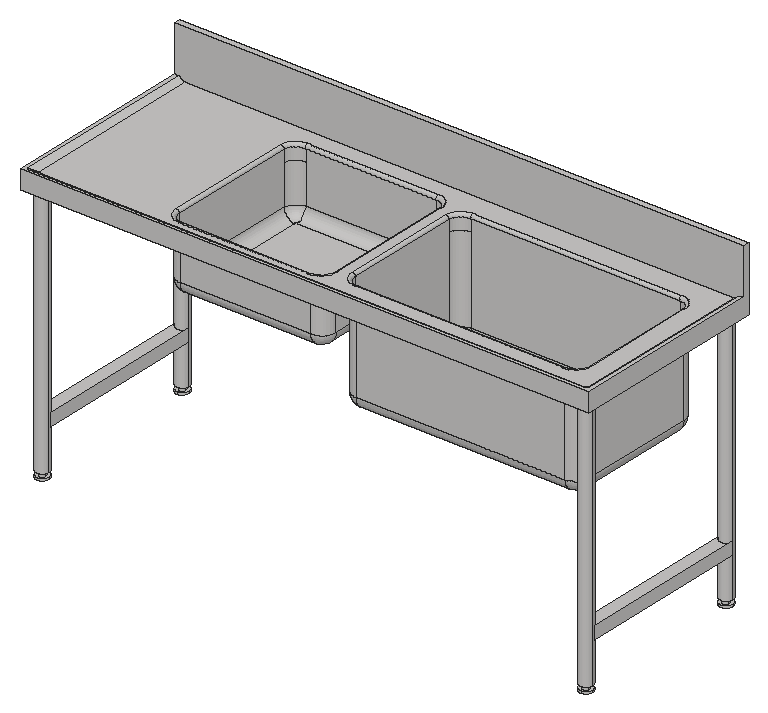
Revit family
Parameters (values of type "1850 X 650 Bowl Right End")
  Waste Outlet Distance = 335 mm
  Material = Stainless Steel Grade 304
  Depth of Catering Bowl = 230 mm
  Width of Catering Bowl = 505 mm
  Length of Catering Bowl = 505 mm
  Depth of Pot Bowl = 380 mm
  Width of Pot Bowl = 460 mm
  Length of Pot Bowl = 760 mm
  Distance of Bowl = 100 mm
  Waste Connection Radius = Waste Connection Diameter / 2  # 20 mm
  Waste Connection Diameter = 40 mm
  WFU = 0
  URL = "http://www.autospec.co.za/browse.php?id=1644179283"
  Product Code = "None"
  OmniClass Title = ""
  OmniClass Number = ""
  Modspec Classification = ""
  Specification = ""
  Location (revit room) = ""
  Bowl Position [instance] = if(Bowl Position End, Distance of Bowl, if(Bowl Position Center, (Length / 2 - (Length of Catering Bowl + Length of Pot Bowl) / 2 - 25 mm), Distance of Bowl))  # 100 mm
  Description = ""
  Colour = none
  Bowl Position End = yes
  Bowl Position Center = not(Bowl Position End)  # no
  Body Finish = none
  Bed Height = 210 mm
  Splashback Height = 150 mm
  Width = 650 mm
  Model = "Combination Catering And Pot Sink Bowl Right End Series KP1/KS1-1850 X 650"
  Manufacturer = "Kwikot"  # constant formula
  Length = 1850 mm
  Height = 1050 mm
  Assembly Code = "E1090300"
Reference planes
  plane 1 "Center (Front/Back)": y = 0
  plane 2 "Bottom": z = 0
  plane 3 "Center (Left/Right)": x = 0
  plane 4 "Left": x = -925
  plane 5 "Right": x = 925
  plane 6 "Front": y = -650
  plane 7 "Top": z = 1050
  plane 8: z = 900
  plane 9: z = 840
  plane 10: z = 520
  plane 11: y = -335
  plane 12: x = 185.5
  plane 13: x = -237.5
  plane 14: x = 825
  plane 15: x = 15
  plane 16: x = -490
  plane 17: x = 65
  plane 18: y = -105
  plane 19: y = -565
  plane 20: z = 670
  plane 21: y = -82.5
  plane 22: y = -587.5
Forms (mm)
  Extrusion 1, solid, material "Stainless Steel Grade 304" <- "Material"
    sketch origin (-925, -491, 4000) x (0, -1, 0) y (0, 0, 1)
      loop
        line (-491, -3160) -> (159, -3160) -> (159, -3100) -> (-471, -3100) -> (-471, -2950) -> (-491, -2950) -> (-491, -3160)
    from 0 to -1850
  Blend 2, void
    base sketch origin (-779.234, -1524, 900) x (0, -1, 0) y (1, 0, 0)
      loop
        arc (-891, -133.766) -> (-887.464, -132.302) -> (-886, -128.766) r 5
        line (-886, -128.766) -> (-886, 1687.234)
        arc (-886, 1687.234) -> (-887.464, 1690.769) -> (-891, 1692.234) r 5
        line (-891, 1692.234) -> (-1504, 1692.234) -> (-1504, -133.766) -> (-891, -133.766)
    top sketch origin (-779.234, -1524, 900) x (0, -1, 0) y (1, 0, 0)
      loop
        line (-1504, -113.766) -> (-911, -113.766)
        arc (-911, -113.766) -> (-907.464, -112.302) -> (-906, -108.766) r 5
        line (-906, -108.766) -> (-906, 1667.234)
        arc (-906, 1667.234) -> (-907.464, 1670.769) -> (-911, 1672.234) r 5
        line (-911, 1672.234) -> (-1504, 1672.234) -> (-1504, -113.766)
    from 0 to -12
  Extrusion 3, void
    sketch origin (-779.234, -1524, 840) x (0, -1, 0) y (-1, 0, 0)
      loop
        line (-1419, -884.234) -> (-1419, -1564.234)
        arc (-1419, -1564.234) -> (-1407.284, -1592.518) -> (-1379, -1604.234) r 40
        line (-1379, -1604.234) -> (-999, -1604.234)
        arc (-999, -1604.234) -> (-970.716, -1592.518) -> (-959, -1564.234) r 40
        line (-959, -1564.234) -> (-959, -884.234)
        arc (-959, -884.234) -> (-970.716, -855.949) -> (-999, -844.234) r 40
        line (-999, -844.234) -> (-1379, -844.234)
        arc (-1379, -844.234) -> (-1407.284, -855.949) -> (-1419, -884.234) r 40
      loop
        arc (-1441.5, -754.234) -> (-1429.784, -782.518) -> (-1401.5, -794.234) r 40
        line (-1401.5, -794.234) -> (-976.5, -794.234)
        arc (-976.5, -794.234) -> (-948.216, -782.518) -> (-936.5, -754.234) r 40
        line (-936.5, -754.234) -> (-936.5, -329.234)
        arc (-936.5, -329.234) -> (-948.216, -300.949) -> (-976.5, -289.234) r 40
        line (-976.5, -289.234) -> (-1401.5, -289.234)
        arc (-1401.5, -289.234) -> (-1429.784, -300.949) -> (-1441.5, -329.234) r 40
        line (-1441.5, -329.234) -> (-1441.5, -754.234)
    from 0 to -60
  Sweep 4, solid, material "Stainless Steel Grade 304" <- "Material"
    path origin (-779.234, -1524, 900) x (-1, 0, 0) y (0, -1, 0)
      loop
        line (-844.234, -1379) -> (-844.234, -999)
        arc (-844.234, -999) -> (-855.949, -970.716) -> (-884.234, -959) r 40
        line (-884.234, -959) -> (-1564.234, -959)
        arc (-1564.234, -959) -> (-1592.518, -970.716) -> (-1604.234, -999) r 40
        line (-1604.234, -999) -> (-1604.234, -1379)
        arc (-1604.234, -1379) -> (-1592.518, -1407.284) -> (-1564.234, -1419) r 40
        line (-1564.234, -1419) -> (-884.234, -1419)
        arc (-884.234, -1419) -> (-855.949, -1407.284) -> (-844.234, -1379) r 40
    profile origin (65, -335, 900) x (1, 0, 0) y (0, 0, 1)
      loop
        line (0, -12) -> (-5, -12) -> (-5, -340)
        arc (-5, -340) -> (6.716, -368.284) -> (35, -380) r 40
        line (35, -380) -> (35, -375)
        arc (35, -375) -> (10.251, -364.749) -> (0, -340) r 35
        line (0, -340) -> (0, -12)
  Sweep 5, solid, material "Stainless Steel Grade 304" <- "Material"
    path origin (-779.234, -1524, 900) x (-1, 0, 0) y (0, -1, 0)
      loop
        line (-289.234, -1401.5) -> (-289.234, -976.5)
        arc (-289.234, -976.5) -> (-300.949, -948.216) -> (-329.234, -936.5) r 40
        line (-329.234, -936.5) -> (-754.234, -936.5)
        arc (-754.234, -936.5) -> (-782.518, -948.216) -> (-794.234, -976.5) r 40
        line (-794.234, -976.5) -> (-794.234, -1401.5)
        arc (-794.234, -1401.5) -> (-782.518, -1429.784) -> (-754.234, -1441.5) r 40
        line (-754.234, -1441.5) -> (-329.234, -1441.5)
        arc (-329.234, -1441.5) -> (-300.949, -1429.784) -> (-289.234, -1401.5) r 40
    profile origin (-490, -335, 900) x (1, 0, 0) y (0, 0, 1)
      loop
        line (0, -12) -> (-5, -12) -> (-5, -190)
        arc (-5, -190) -> (6.716, -218.284) -> (35, -230) r 40
        line (35, -230) -> (35, -225)
        arc (35, -225) -> (10.251, -214.749) -> (0, -190) r 35
        line (0, -190) -> (0, -12)
  Extrusion 6, solid, material "Stainless Steel Grade 304" <- "Material"
    sketch origin (-1108.106, -1524, 670) x (-1, 0, 0) y (0, -1, 0)
      loop
        circle (-870.606, -1189) r 26
      loop
        arc (-653.106, -976.5) -> (-654.57, -972.964) -> (-658.106, -971.5) r 5
        line (-658.106, -971.5) -> (-1083.106, -971.5)
        arc (-1083.106, -971.5) -> (-1086.641, -972.964) -> (-1088.106, -976.5) r 5
        line (-1088.106, -976.5) -> (-1088.106, -1401.5)
        arc (-1088.106, -1401.5) -> (-1086.641, -1405.036) -> (-1083.106, -1406.5) r 5
        line (-1083.106, -1406.5) -> (-658.106, -1406.5)
        arc (-658.106, -1406.5) -> (-654.57, -1405.036) -> (-653.106, -1401.5) r 5
        line (-653.106, -1401.5) -> (-653.106, -976.5)
    from 0 to 5
  Extrusion 7, solid, material "Stainless Steel Grade 304" <- "Material"
    sketch origin (-779.234, -1524, 520) x (-1, 0, 0) y (0, -1, 0)
      loop
        arc (-879.234, -999) -> (-880.698, -995.464) -> (-884.234, -994) r 5
        line (-884.234, -994) -> (-1564.234, -994)
        arc (-1564.234, -994) -> (-1567.769, -995.464) -> (-1569.234, -999) r 5
        line (-1569.234, -999) -> (-1569.234, -1379)
        arc (-1569.234, -1379) -> (-1567.769, -1382.536) -> (-1564.234, -1384) r 5
        line (-1564.234, -1384) -> (-884.234, -1384)
        arc (-884.234, -1384) -> (-880.698, -1382.536) -> (-879.234, -1379) r 5
        line (-879.234, -1379) -> (-879.234, -999)
      loop
        circle (-964.734, -1189) r 26
    from 0 to 5
  Blend 8, solid, material "Stainless Steel Grade 304" <- "Material"
    base sketch origin (-1108.106, -1524, 670) x (-1, 0, 0) y (0, -1, 0)
      loop
        circle (-870.606, -1189) r 26
    top sketch origin (-1108.106, -1524, 670) x (-1, 0, 0) y (0, -1, 0)
      loop
        circle (-870.606, -1189) r 20
    from 0 to -5
  Blend 9, solid, material "Stainless Steel Grade 304" <- "Material"
    base sketch origin (-779.234, -1524, 520) x (-1, 0, 0) y (0, -1, 0)
      loop
        circle (-964.734, -1189) r 26
    top sketch origin (-779.234, -1524, 520) x (-1, 0, 0) y (0, -1, 0)
      loop
        circle (-964.734, -1189) r 20
    from 0 to -5
  Sweep 10, void
    path origin (-779.234, -1524, 900) x (-1, 0, 0) y (0, -1, 0)
      loop
        line (-289.234, -1401.5) -> (-289.234, -976.5)
        arc (-289.234, -976.5) -> (-300.949, -948.216) -> (-329.234, -936.5) r 40
        line (-329.234, -936.5) -> (-754.234, -936.5)
        arc (-754.234, -936.5) -> (-782.518, -948.216) -> (-794.234, -976.5) r 40
        line (-794.234, -976.5) -> (-794.234, -1401.5)
        arc (-794.234, -1401.5) -> (-782.518, -1429.784) -> (-754.234, -1441.5) r 40
        line (-754.234, -1441.5) -> (-329.234, -1441.5)
        arc (-329.234, -1441.5) -> (-300.949, -1429.784) -> (-289.234, -1401.5) r 40
    profile origin (-490, -335, 900) x (1, 0, 0) y (0, 0, 1)
      loop
        line (0, -12) -> (-10, -12)
        arc (-10, -12) -> (-2.929, -14.929) -> (0, -22) r 10
        line (0, -22) -> (0, -12)
  Sweep 11, void
    path origin (-779.234, -1524, 900) x (-1, 0, 0) y (0, -1, 0)
      loop
        line (-844.234, -1379) -> (-844.234, -999)
        arc (-844.234, -999) -> (-855.949, -970.716) -> (-884.234, -959) r 40
        line (-884.234, -959) -> (-1564.234, -959)
        arc (-1564.234, -959) -> (-1592.518, -970.716) -> (-1604.234, -999) r 40
        line (-1604.234, -999) -> (-1604.234, -1379)
        arc (-1604.234, -1379) -> (-1592.518, -1407.284) -> (-1564.234, -1419) r 40
        line (-1564.234, -1419) -> (-884.234, -1419)
        arc (-884.234, -1419) -> (-855.949, -1407.284) -> (-844.234, -1379) r 40
    profile origin (65, -335, 900) x (1, 0, 0) y (0, 0, 1)
      loop
        line (0, -12) -> (-10, -12)
        arc (-10, -12) -> (-2.929, -14.929) -> (0, -22) r 10
        line (0, -22) -> (0, -12)
  Extrusion 12, solid, material "Stainless Steel Grade 304" <- "Material"
    sketch origin (0, 0, 0) x (1, 0, 0) y (0, 1, 0)
      loop
        circle (-885, -610) r 21
      loop
        circle (-885, -40) r 21
      loop
        circle (885, -610) r 21
      loop
        circle (885, -40) r 21
    from 0 to 5
  Extrusion 13, solid, material "Stainless Steel Grade 304" <- "Material"
    sketch origin (0, 0, 0) x (1, 0, 0) y (0, 1, 0)
      loop
        circle (-885, -40) r 10
      loop
        circle (-885, -610) r 10
      loop
        circle (885, -40) r 10
      loop
        circle (885, -610) r 10
    from 5 to 20
  Extrusion 14, solid, material "Stainless Steel Grade 304" <- "Material"
    sketch origin (-779.234, -1524, 840) x (-1, 0, 0) y (0, -1, 0)
      loop
        circle (105.766, -914) r 21
      loop
        circle (105.766, -1484) r 21
      loop
        circle (-1664.234, -1484) r 21
      loop
        circle (-1664.234, -914) r 21
    from 0 to -820
  Extrusion 15, solid, material "Stainless Steel Grade 304" <- "Material"
    sketch origin (0, 0, 0) x (1, 0, 0) y (0, 1, 0)
      loop
        line (-906, -40) -> (-906, -610)
        arc (-906, -610) -> (-885, -589) -> (-864, -610) r 21
        line (-864, -610) -> (-864, -40)
        arc (-864, -40) -> (-885, -61) -> (-906, -40) r 21
      loop
        line (864, -40) -> (864, -610)
        arc (864, -610) -> (885, -589) -> (906, -610) r 21
        line (906, -610) -> (906, -40)
        arc (906, -40) -> (885, -61) -> (864, -40) r 21
    from 150 to 190
Cuts and joins
  Blend 2, Extrusion 3, Sweep 10, Sweep 11 cuts Extrusion 1
  Sweep 10, Sweep 11 cuts Sweep 4
  Sweep 10, Sweep 11 cuts Sweep 5
  Sweep 10, Sweep 11 cuts Extrusion 6
  Sweep 10, Sweep 11 cuts Extrusion 7
  joined: Extrusion 1, Sweep 4, Sweep 5, Extrusion 6, Extrusion 7, Blend 8, Blend 9
Lines and regions (mm)
  symbolic lines
    curve 1: line (-925, 0, 750) -> (-925, -650, 750)
    curve 2: line (925, 0, 750) -> (-925, 0, 750)
    curve 3: line (925, -650, 750) -> (925, 0, 750)
    curve 4: line (-925, -650, 750) -> (925, -650, 750)
    curve 5: line (-925, -20, 750) -> (925, -20, 750)
    curve 6: line (-913, -633, 1050) -> (-913, -20, 1050)
    curve 7: arc (-908, -638, 1050) -> (-911.536, -636.536, 1050) -> (-913, -633, 1050) r 5
    curve 8: line (908, -638, 1050) -> (-908, -638, 1050)
    curve 9: line (-893, -20, 1050) -> (-893, -613, 1050)
    curve 10: arc (-893, -613, 1050) -> (-891.536, -616.536, 1050) -> (-888, -618, 1050) r 5
    curve 11: line (-888, -618, 1050) -> (888, -618, 1050)
    curve 12: arc (888, -618, 1050) -> (891.536, -616.536, 1050) -> (893, -613, 1050) r 5
    curve 13: line (893, -613, 1050) -> (893, -20, 1050)
    curve 14: arc (913, -633, 1050) -> (911.536, -636.536, 1050) -> (908, -638, 1050) r 5
    curve 15: line (913, -20, 1050) -> (913, -633, 1050)
    curve 16: line (785, -565, 1050) -> (105, -565, 1050)
    curve 17: arc (105, -565, 1050) -> (76.716, -553.284, 1050) -> (65, -525, 1050) r 40
    curve 18: line (65, -525, 1050) -> (65, -145, 1050)
    curve 19: arc (65, -145, 1050) -> (76.716, -116.716, 1050) -> (105, -105, 1050) r 40
    curve 20: line (105, -105, 1050) -> (785, -105, 1050)
    curve 21: arc (785, -105, 1050) -> (813.284, -116.716, 1050) -> (825, -145, 1050) r 40
    curve 22: line (825, -145, 1050) -> (825, -525, 1050)
    curve 23: arc (825, -525, 1050) -> (813.284, -553.284, 1050) -> (785, -565, 1050) r 40
    curve 24: line (-490, -122.5, 1050) -> (-490, -547.5, 1050)
    curve 25: arc (-490, -122.5, 1050) -> (-478.284, -94.216, 1050) -> (-450, -82.5, 1050) r 40
    curve 26: line (-25, -82.5, 1050) -> (-450, -82.5, 1050)
    curve 27: arc (-25, -82.5, 1050) -> (3.284, -94.216, 1050) -> (15, -122.5, 1050) r 40
    curve 28: line (15, -547.5, 1050) -> (15, -122.5, 1050)
    curve 31: arc (15, -547.5, 1050) -> (3.284, -575.784, 1050) -> (-25, -587.5, 1050) r 40
    curve 32: line (-450, -587.5, 1050) -> (-25, -587.5, 1050)
    curve 33: arc (-450, -587.5, 1050) -> (-478.284, -575.784, 1050) -> (-490, -547.5, 1050) r 40
  symbolic lines, detail levels fine
    curve 29: arc (-263.5, -335, 1050) -> (-237.5, -309, 1050) -> (-211.5, -335, 1050) r 26
    curve 30: arc (-211.5, -335, 1050) -> (-237.5, -361, 1050) -> (-263.5, -335, 1050) r 26
    curve 34: arc (211.5, -335, 1050) -> (185.5, -361, 1050) -> (159.5, -335, 1050) r 26
    curve 35: arc (159.5, -335, 1050) -> (185.5, -309, 1050) -> (211.5, -335, 1050) r 26
Dimensions and locks
  equal spacing: plane 4 "Left", plane 3 "Center (Left/Right)", plane 5 "Right"
  "Length": plane 4 "Left" to plane 5 "Right"
  "Width": plane 1 "Center (Front/Back)" to plane 6 "Front"
  "Height": plane 7 "Top" to level
  "Splashback Height": plane 7 "Top" to plane 8
  Blend 2 sketch curve to plane 6 "Front" = 12 mm
  "Bed Height": plane 7 "Top" to plane 9
  "Waste Outlet Distance": plane 11 to plane 1 "Center (Front/Back)"
  Blend 2 sketch curve to var sketch = 20 mm  (x2)
  var sketch to Blend 2 sketch curve = 20 mm
  "Width of Pot Bowl": plane 18 to plane 19
  "Length of Catering Bowl": plane 16 to plane 15
  "Length of Pot Bowl": plane 17 to plane 14
  "Depth of Pot Bowl": plane 8 to plane 10
  "Depth of Catering Bowl": plane 8 to plane 20
  "Width of Catering Bowl": plane 21 to plane 22
  plane 4 "Left" to Extrusion 12 sketch curve = 40 mm  (x2)
  Extrusion 12 sketch curve to plane 6 "Front" = 40 mm  (x2)
  Extrusion 12 sketch curve to plane 1 "Center (Front/Back)" = 40 mm  (x2)
  Extrusion 12 sketch curve to plane 5 "Right" = 40 mm  (x2)
  Extrusion 15 to plane 2 "Bottom" = 150 mm
  "Bowl Position": plane 14 to plane 5 "Right"
  plane 15 to plane 17 = 50 mm
  plane 13 to plane 12 = 423 mm
  plane 11 to plane 1 "Center (Front/Back)" = 335 mm
  equal spacing: plane 16, plane 13, plane 15
  equal spacing: plane 21, plane 11, plane 22
  equal spacing: plane 18, plane 11, plane 19
  radius of Extrusion 3 sketch curve = 40 mm  (x8)
  radius of Extrusion 7 sketch curve = 26 mm
  "Waste Connection Radius": radius of Blend 8 sketch curve
  "Waste Connection Radius": radius of Blend 9 sketch curve
  radius of Extrusion 12 sketch curve = 21 mm  (x4)
  aligned and locked: level to plane 2 "Bottom"
  aligned and locked: Extrusion 1 sketch curve to plane 9
  aligned and locked: Extrusion 1 sketch curve to plane 1 "Center (Front/Back)"
  aligned and locked: plane 8 to Extrusion 1 sketch curve
  aligned and locked: Extrusion 1 sketch curve to plane 6 "Front"
  aligned and locked: plane 7 "Top" to Extrusion 1 sketch curve
  aligned and locked: plane 4 "Left" to Extrusion 1
  aligned and locked: Extrusion 1 to plane 5 "Right"
  aligned and locked: var sketch to Blend 2 sketch curve
  aligned and locked: plane 8 to Extrusion 3
  aligned and locked: Extrusion 3 to plane 9
  aligned and locked: Sweep 4 sketch curve to cut or joined group 1 (Extrusion 1, Blend 2, Extrusion 3, Sweep 4, Sweep 5, Extrusion 6, Extrusion 7, Blend 8, Blend 9, Sweep 10, Sweep 11)  (x6)
  aligned and locked: curve 7 to cut or joined group 1
  aligned and locked: curve 9 to cut or joined group 1
  aligned and locked: curve 10 to cut or joined group 1
  aligned and locked: curve 12 to cut or joined group 1
  aligned and locked: curve 14 to cut or joined group 1
  aligned and locked: curve 15 to cut or joined group 1
  aligned and locked: curve 17 to cut or joined group 1
  aligned and locked: curve 19 to cut or joined group 1
  aligned and locked: curve 21 to cut or joined group 1
  aligned and locked: curve 23 to cut or joined group 1
  aligned and locked: Sweep 5 sketch curve to cut or joined group 1  (x6)
  aligned and locked: plane 11 to Extrusion 6 sketch curve
  aligned and locked: plane 13 to Extrusion 6 sketch curve
  aligned and locked: Extrusion 7 sketch curve to cut or joined group 1  (x4)
  aligned and locked: plane 11 to Extrusion 7 sketch curve
  aligned and locked: plane 12 to Extrusion 7 sketch curve
  aligned and locked: curve 25 to cut or joined group 1
  aligned and locked: curve 27 to cut or joined group 1
  aligned and locked: curve 29 to cut or joined group 1
  aligned and locked: curve 30 to cut or joined group 1
  aligned and locked: curve 31 to cut or joined group 1
  aligned and locked: curve 33 to cut or joined group 1
  aligned and locked: curve 34 to cut or joined group 1
  aligned and locked: curve 35 to cut or joined group 1
  aligned and locked: Blend 8 sketch curve to cut or joined group 1  (x2)
  aligned and locked: plane 11 to Blend 8 sketch curve
  aligned and locked: plane 13 to Blend 8 sketch curve
  aligned and locked: Blend 9 sketch curve to cut or joined group 1  (x2)
  aligned and locked: plane 11 to Blend 9 sketch curve
  aligned and locked: plane 12 to Blend 9 sketch curve
  aligned and locked: plane 10 to Sweep 4 sketch curve
  aligned and locked: Extrusion 3 sketch curve to plane 18
  aligned and locked: plane 19 to Extrusion 3 sketch curve
  aligned and locked: plane 16 to Extrusion 3 sketch curve
  aligned and locked: plane 15 to Extrusion 3 sketch curve
  aligned and locked: plane 17 to Extrusion 3 sketch curve
  aligned and locked: plane 14 to Extrusion 3 sketch curve
  aligned and locked: plane 20 to Sweep 5 sketch curve
  aligned and locked: Extrusion 6 sketch curve to Sweep 5  (x4)
  aligned and locked: plane 21 to Extrusion 3 sketch curve
  aligned and locked: Extrusion 3 sketch curve to plane 22
  aligned and locked: Sweep 10 sketch curve to cut or joined group 1  (x4)
  aligned and locked: profile plane to Sweep 10 sketch curve
  aligned and locked: cut or joined group 1 to Sweep 10 sketch curve
  aligned and locked: Sweep 11 sketch curve to cut or joined group 1  (x4)
  aligned and locked: profile plane to Sweep 11 sketch curve
  aligned and locked: cut or joined group 1 to Sweep 11 sketch curve
  aligned and locked: Extrusion 14 sketch curve to Extrusion 12  (x8)
  aligned and locked: Extrusion 14 to Extrusion 13
  aligned and locked: Extrusion 15 sketch curve to Extrusion 14  (x4)
Automatic sketch dimensions
  plane 1 "Center (Front/Back)" to Extrusion 1 sketch curve = 20 mm
  Blend 2 sketch curve to Blend 2 sketch curve = 5 mm  (x4)
  plane 1 "Center (Front/Back)" to Blend 2 sketch curve = 20 mm
  Blend 2 sketch curve to plane 4 "Left" = 12 mm
  plane 5 "Right" to Blend 2 sketch curve = 17 mm
  plane 1 "Center (Front/Back)" to curve 3 = 0 mm
  curve 3 to plane 5 "Right" = 0 mm
  curve 4 to plane 4 "Left" = 0 mm
  curve 4 to plane 6 "Front" = 0 mm
  curve 1 to curve 5 = 20 mm
  plane 1 "Center (Front/Back)" to curve 15 = 20 mm
  plane 1 "Center (Front/Back)" to curve 9 = 20 mm
  plane 1 "Center (Front/Back)" to curve 13 = 20 mm
  curve 6 to curve 9 = 0 mm
  profile plane to Sweep 5 sketch curve = 5 mm
  Sweep 5 sketch curve to profile plane = 35 mm
  Sweep 4 sketch curve to Sweep 4 sketch curve = 0 mm
  profile plane to Sweep 4 sketch curve = 5 mm
  Sweep 4 sketch curve to Sweep 4 sketch curve = 35 mm
  Sweep 5 sketch curve to Sweep 5 sketch curve = 0 mm
  Sweep 10 sketch curve to Sweep 10 sketch curve = 10 mm  (x2)
  Sweep 10 sketch curve to Sweep 10 sketch curve = 0 mm  (x2)
  profile plane to Sweep 10 sketch curve = 0 mm
  profile plane to Sweep 11 sketch curve = 10 mm
  Sweep 11 sketch curve to Sweep 11 sketch curve = 10 mm  (x2)
  Sweep 11 sketch curve to Sweep 11 sketch curve = 0 mm
  profile plane to Sweep 11 sketch curve = 0 mm
  Extrusion 13 sketch curve to plane 4 "Left" = 30 mm  (x2)
  Extrusion 13 sketch curve to Extrusion 13 sketch curve = 10 mm  (x4)
  plane 5 "Right" to Extrusion 13 sketch curve = 50 mm  (x2)
  plane 21 to Extrusion 13 sketch curve = 42.5 mm  (x2)
  Extrusion 13 sketch curve to plane 22 = 22.5 mm  (x2)
  radius of Extrusion 6 sketch curve = 26 mm
Connectors
  piping at (-237.5, -335, 665), driven by "Waste Connection Radius", driven by "WFU"
    settings: on Blend 8, index 1, connector radius 20 mm, flow factor 0, pipe flow 0.0 L/s, pressure drop 0.0 Pa, fitting loss kfactor 0, connector angle 0.00°, fixture units 0, flow configuration 3, flow direction 2, fitting loss method 0, system type 16, connector reference index -1, connector utility 0, adjustable connector no, is connector primary yes, fitting loss table "", connector description "Waste Connection"
  piping at (185.5, -335, 515), driven by "Waste Connection Radius", driven by "WFU"
    settings: on Blend 9, index 2, connector radius 20 mm, flow factor 0, pipe flow 0.0 L/s, pressure drop 0.0 Pa, fitting loss kfactor 0, connector angle 0.00°, fixture units 0, flow configuration 3, flow direction 2, fitting loss method 0, system type 16, connector reference index -1, connector utility 0, adjustable connector no, is connector primary no, fitting loss table "", connector description "Waste Connection"
